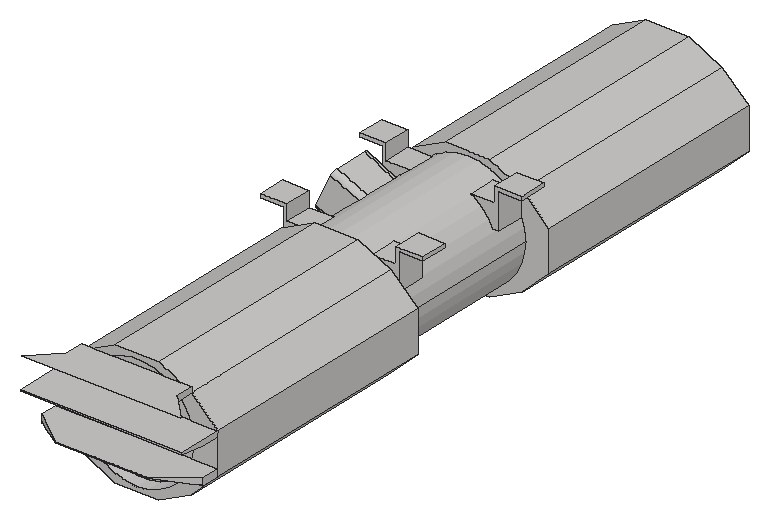
Revit family "HARMANN - PIRAX", category Mechanical Equipment, Revit 2022
Family settings
  Round Connector Dimension = Use Diameter
  Part Type = Normal
  OmniClass Number = 23.75.00.00
  OmniClass Title = Climate Control (HVAC)
  Work Plane-Based = No
  Always vertical = No
  Cut with Voids When Loaded = No
  Maintain Annotation Orientation = No
  Shared = No
  Room Calculation Point = No
Parameters (values of type "PIRAX CPA 315 D42 F4")
  r2 = r - 10.00 mm  # 148.00 mm
  r = 158.00 mm
  g = 234.785 mm
  f = 192.00 mm
  e = 128.00 mm
  d = 126.50 mm
  c = 150.00 mm
  b = 60.00 mm
  a = 56.50 mm
  Zasilanie natężenie maksymalne II = 2.1 A
  Zasilanie napięcie nominalne Unom = 400 V
  Zasilanie Rodzaj Sterowania = "II biegi Y/YY"
  Zasilanie Moc maksymalna II = 1059 W
  Zasilanie Częstotliwość Nominalna = 50 Hz
  Temperatura pracy T = 60 °C
  PIRAX 400 [instance] = "431-487 mm"  # constant formula
  PIRAX 355 [instance] = "386-442 mm"  # constant formula
  PIRAX 315 [instance] = "346-430 mm"  # constant formula
  Odsunięcie wentylatora od stropu [instance] = "Podaj odsunięcie wentylatora od stropu, Zakresy dla konkretnych modeli"  # constant formula
  Klasa odporności ogniowej Tmax = "400 oC/2h"
  Kierunek rewersyjny. Siła ciągu II = 28.00 N
  Kierunek rewersyjny. Powietrze Przepływ II = 4875 m³/h
  Kierunek rewersyjny. I bieg Qrev = 2400 m³/h
  Kierunek rewersyjny. BiegFrev = 7.00 N
  Kierunek przepływu = size_lookup(Lookup Table Name, "Kierunek przepływu", "n/a", N1)  # "Dwukierunkowy"
  Kierunek główny. Siła ciągu II = 29.00 N
  Kierunek główny. Powietrze Przepływ II = 4910 m³/h
  Obroty maksymalne II (min-1) = "2900"
  N1 = 1 mm
  Manufacturer = "Harmann Polska Sp. z o.o."  # constant formula
  Lookup Table Name = "PIRAX_G"
  L = size_lookup(Lookup Table Name, "L", 1.00 mm, N1)  # 1824.00 mm
  Kierunek główny. I bieg Qmax = 2450 m³/h
  J = size_lookup(Lookup Table Name, "J", 1.00 mm, N1)  # 447.00 mm
  Kierunek główny. I bieg F = 7.00 N
  I bieg nmax = "1460"
  Zasilanie. I bieg Pmax = 202 W
  I bieg Lpa dB(A) = 14325.6 mm
  I bieg Imax = 0.91 A
  I = size_lookup(Lookup Table Name, "I", 1.00 mm, N1)  # 30.00 mm
  Zasilanie Ilość faz = 3
  H (Rzeczywiste) [instance] = if(Podaj odsunięcie od stropu dla wybranego modelu < 346.00 mm, 346.00 mm, if(Podaj odsunięcie od stropu dla wybranego modelu > 487.00 mm, 487.00 mm, Podaj odsunięcie od stropu dla wybranego modelu))  # 346.00 mm
  Podaj odsunięcie od stropu dla wybranego modelu [instance] = 346.00 mm
  G = size_lookup(Lookup Table Name, "G", 1.00 mm, N1)  # 47.40 mm
  Numer artykułu = size_lookup(Lookup Table Name, "Numer artykułu", "n/a", N1)  # "15916600"
  Model = size_lookup(Lookup Table Name, "Model", "n/a", N1)  # "PIRAX CPA 315 D42 F4"
  Masa = 31.50 kg
  F = size_lookup(Lookup Table Name, "F", 1.00 mm, N1)  # 339.00 mm
  Description = "Strumieniowy wentylator oddymiający przeznaczony do odprowadzania gorącego powietrza, dymu oraz szkodliwych gazów powstałych podczas pożaru."
  E = size_lookup(Lookup Table Name, "E", 1.00 mm, N1)  # 445.00 mm
  Default Elevation = 0.00 mm
  Ciśnienie akustyczne nominalne II Lpa dB(A) = 18897.6 mm
  C = size_lookup(Lookup Table Name, "C", 1.00 mm, N1)  # 547.00 mm
  B = size_lookup(Lookup Table Name, "B", 1.00 mm, N1)  # 340.00 mm
  Autor = "https://www.archispace.com/"
  A = size_lookup(Lookup Table Name, "A", 1.00 mm, N1)  # 452.00 mm
Types (7, lengths in mm): name | r2 | r | g | f | e | d | c | b | a | Zasilanie natężenie maksymalne II | Zasilanie Moc maksymalna II | Kierunek rewersyjny. Siła ciągu II | Kierunek rewersyjny. Powietrze Przepływ II | Kierunek rewersyjny. I bieg Qrev | Kierunek rewersyjny. BiegFrev | Kierunek przepływu | Kierunek główny. Siła ciągu II | Kierunek główny. Powietrze Przepływ II | Obroty maksymalne II (min-1) | N1 | Kierunek główny. I bieg Qmax | J | Kierunek główny. I bieg F | I bieg nmax | Zasilanie. I bieg Pmax | I bieg Lpa dB(A) | I bieg Imax | H (Rzeczywiste) | Podaj odsunięcie od stropu dla wybranego modelu | Numer artykułu | Model | Masa | F | E | Ciśnienie akustyczne nominalne II Lpa dB(A) | C
  (no name) | 148.00 | 158.00 | 234.785 | 192.00 | 128.00 | 126.50 | 150.00 | 60.00 | 56.50 | 2.1 A | 1059 W | 28.00 N | 4875 m³/h | 2400 m³/h | 7.00 N | "Dwukierunkowy" | 29.00 N | 4910 m³/h | "2900" | 1 | 2450 m³/h | 447.00 | 7.00 N | "1460" | 202 W | 14325.6 | 0.91 A | 346.00 | 346.00 | "15916600" | "PIRAX CPA 315 D42 F4" | 31.50 kg | 339.00 | 445.00 | 18897.6 | 547.00
  PIRAX.G CPA 315 D42 F4 | 148.00 | 158.00 | 234.785 | 192.00 | 128.00 | 126.50 | 150.00 | 60.00 | 56.50 | 2.1 A | 1059 W | 0.00 N | 0 m³/h | 0 m³/h | 0.00 N | "Jednokierunkowy" | 29.00 N | 4910 m³/h | "2900" | 2 | 2450 m³/h | 447.00 | 7.00 N | "1460" | 202 W | 14325.6 | 0.91 A | 346.00 | 346.00 | "15916601" | "PIRAX.G CPA 315 D42 F4" | 31.50 kg | 339.00 | 445.00 | 18897.6 | 547.00
  PIRAX.G CPA 400 D42 F4 | 191.00 | 201.00 | 280.00 | 240.00 | 167.00 | 169.00 | 189.00 | 56.50 | 69.50 | 5.23 A | 2875 W | 0.00 N | 0 m³/h | 0 m³/h | 0.00 N | "Jednokierunkowy" | 87.00 N | 10830 m³/h | "2600" | 6 | 5500 m³/h | 535.00 | 22.00 N | "1.26" | 423 W | 15544.8 | 1.26 A | 431.00 | 431.00 | "15908601" | "PIRAX.G CPA 400 D42 F4" | 46.00 kg | 424.00 | 560.00 | 21336 | 635.00
  PIRAX CPA 315 D42 F4 | 148.00 | 158.00 | 234.785 | 192.00 | 128.00 | 126.50 | 150.00 | 60.00 | 56.50 | 2.1 A | 1059 W | 28.00 N | 4875 m³/h | 2400 m³/h | 7.00 N | "Dwukierunkowy" | 29.00 N | 4910 m³/h | "2900" | 1 | 2450 m³/h | 447.00 | 7.00 N | "1460" | 202 W | 14325.6 | 0.91 A | 346.00 | 346.00 | "15916600" | "PIRAX CPA 315 D42 F4" | 31.50 kg | 339.00 | 445.00 | 18897.6 | 547.00
  PIRAX CPA 355 D42 F4 | 168.00 | 178.00 | 254.00 | 225.00 | 150.00 | 142.50 | 168.00 | 65.00 | 61.00 | 3.82 A | 1994 W | 47.00 N | 7050 m³/h | 3525 m³/h | 12.00 N | "Dwukierunkowy" | 50.00 N | 7330 m³/h | "2905" | 3 | 3640 m³/h | 489.00 | 12.00 N | "1460" | 325 W | 15240 | 1.05 A | 386.00 | 386.00 | "15912300" | "PIRAX CPA 355 D42 F4" | 40.00 kg | 379.00 | 505.00 | 20421.6 | 587.00
  PIRAX.G CPA 355 D42 F4 | 168.00 | 178.00 | 254.00 | 225.00 | 150.00 | 142.50 | 168.00 | 65.00 | 61.00 | 3.82 A | 1994 W | 0.00 N | 0 m³/h | 0 m³/h | 0.00 N | "Jednokierunkowy" | 50.00 N | 7330 m³/h | "2905" | 4 | 3640 m³/h | 489.00 | 12.00 N | "1460" | 325 W | 15240 | 1.05 A | 386.00 | 386.00 | "15912301" | "PIRAX.G CPA 355 D42 F4" | 40.00 kg | 379.00 | 505.00 | 204216 | 587.00
  PIRAX CPA 400 D42 F4 | 191.00 | 201.00 | 280.00 | 240.00 | 167.00 | 169.00 | 189.00 | 56.50 | 69.50 | 5.23 A | 2875 W | 74.00 N | 10020 m³/h | 5060 m³/h | 19.00 N | "Dwukierunkowy" | 87.00 N | 10830 m³/h | "2890" | 5 | 5500 m³/h | 535.00 | 22.00 N | "1460" | 423 W | 15544.8 | 1.26 A | 431.00 | 431.00 | "15908600" | "PIRAX CPA 400 D42 F4" | 46.00 kg | 424.00 | 560.00 | 21336 | 635.00
Reference planes
  plane 1 "Center (Front/Back)": y = 0
  plane 2: z = 0
  plane 3 "Center (Left/Right)": x = 0
  plane 4: z = 339
  plane 5: y = -1824
  plane 6: x = -222.5
  plane 7: x = 222.5
  plane 8: y = -1138
  plane 9: y = -686
  plane 10: y = -742
  plane 11: y = -1082
  plane 12: z = 169.5
  plane 13: z = 226
  plane 14: z = 113
  plane 15: z = 296
  plane 16: z = 43
  plane 17: x = -60
  plane 18: x = -150
  plane 19: x = 60
  plane 20: x = 150
  plane 21: z = 346
  plane 22: z = 346
  plane 23: y = -1952
  plane 24: y = -855
  plane 25: through (-378.74, -1524, 346.109) normal (-0.4226, 0, -0.9063)
Forms (mm)
  Sweep 1, solid, material "HARMANN - Stal Galwanizowana", detail levels coarse
    path origin (0, 0, 0) x (1, 0, 0) y (0, 1, 0)
      loop
        line (0, 0) -> (0, -1824)
    profile origin (0, -912, 0) x (1, 0, 0) y (0, 0, 1)
      loop
        line (-222.5, 226) -> (-222.5, 113) -> (-150, 43) -> (-60, 0) -> (60, 0) -> (150, 43) -> (222.5, 113) -> (222.5, 226) -> (150, 296) -> (60, 339) -> (-60, 339) -> (-150, 296) -> (-222.5, 226)
  Sweep 2, solid, material "HARMANN - Stal Galwanizowana", detail levels medium+fine
    path origin (0, 0, 0) x (1, 0, 0) y (0, 1, 0)
      loop
        line (0, 0) -> (0, -686)
    profile origin (0, -343, 0) x (1, 0, 0) y (0, 0, 1)
      loop
        circle (0, 169.5) r 158
      loop
        line (222.5, 113) -> (222.5, 226) -> (150, 296) -> (60, 339) -> (-60, 339) -> (-150, 296) -> (-222.5, 226) -> (-222.5, 113) -> (-150, 43) -> (-60, 0) -> (60, 0) -> (150, 43) -> (222.5, 113)
  Sweep 3, solid, material "HARMANN - Stal Galwanizowana", detail levels medium+fine
    path origin (-1437.329, -1524, 169.5) x (-1, 0, 0) y (0, -1, 0)
      loop
        line (-1437.329, -1499) -> (-1437.329, -1474)
    profile origin (0, -37.5, 169.5) x (1, 0, 0) y (0, 0, 1)
      loop
        circle (0, 0) r 148
  Sweep 4, solid, material "HARMANN - Stal Galwanizowana", detail levels medium+fine
    path origin (0, 0, 0) x (1, 0, 0) y (0, 1, 0)
      loop
        line (0, -1138) -> (0, -1824)
    profile origin (0, -1481, 0) x (1, 0, 0) y (0, 0, 1)
      loop
        line (-60, 339) -> (-150, 296) -> (-222.5, 226) -> (-222.5, 113) -> (-150, 43) -> (-60, 0) -> (60, 0) -> (150, 43) -> (222.5, 113) -> (222.5, 226) -> (150, 296) -> (60, 339) -> (-60, 339)
      loop
        circle (0, 169.5) r 158
  Sweep 5, solid, material "HARMANN - Stal Galwanizowana", detail levels medium+fine
    path origin (0, 0, 0) x (1, 0, 0) y (0, 1, 0)
      loop
        line (0, -686) -> (0, -1138)
    profile origin (0, -912, 0) x (1, 0, 0) y (0, 0, 1)
      loop
        circle (0, 169.5) r 158
  Sweep 6, solid, material "HARMANN - Stal Galwanizowana", detail levels medium+fine
    path origin (-1437.329, -1524, 169.5) x (-1, 0, 0) y (0, -1, 0)
      loop
        line (-1287.329, -404) -> (-1287.329, -480)
    profile origin (-150, -1082, 169.5) x (-1, 0, 0) y (0, 0, 1)
      loop
        line (72.5, 176.5) -> (0, 176.5) -> (0, 134) -> (-90, 134) -> (-90, 69.5) -> (10, 69.5) -> (10, 166.5) -> (72.5, 166.5) -> (72.5, 176.5)
      loop
        line (-372.5, 176.5) -> (-372.5, 166.5) -> (-310, 166.5) -> (-310, 69.5) -> (-210, 69.5) -> (-210, 134) -> (-300, 134) -> (-300, 176.5) -> (-372.5, 176.5)
  Sweep 7, solid, material "HARMANN - Stal Galwanizowana", detail levels medium+fine
    path origin (-1437.329, -1184, 169.5) x (-1, 0, 0) y (0, -1, 0)
      loop
        line (-1287.329, -404) -> (-1287.329, -480)
    profile origin (-150, -742, 169.5) x (-1, 0, 0) y (0, 0, 1)
      loop
        line (72.5, 176.5) -> (0, 176.5) -> (0, 134) -> (-90, 134) -> (-90, 69.5) -> (10, 69.5) -> (10, 166.5) -> (72.5, 166.5) -> (72.5, 176.5)
      loop
        line (-372.5, 176.5) -> (-372.5, 166.5) -> (-310, 166.5) -> (-310, 69.5) -> (-210, 69.5) -> (-210, 134) -> (-300, 134) -> (-300, 176.5) -> (-372.5, 176.5)
  Sweep 8, solid, material "HARMANN - Stal Galwanizowana"
    path origin (0, 0, 0) x (0, 1, 0) y (0, 0, 1)
      loop
        line (-1824, 310) -> (-1824, 296)
    profile origin (0, -1824, 303) x (1, 0, 0) y (0, 1, 0)
      loop
        line (-151.689, 0) -> (-151.689, -52.15) -> (-222.5, -128) -> (222.5, -128) -> (151.689, -52.15) -> (151.689, 0) -> (-151.689, 0)
  Sweep 9, solid, material "HARMANN - Stal Galwanizowana"
    path origin (0, 0, 0) x (0, 1, 0) y (0, 0, 1)
      loop
        line (-1824, 226) -> (-1824, 212)
    profile origin (0, -1824, 219) x (1, 0, 0) y (0, 1, 0)
      loop
        line (-222.5, 0) -> (-222.5, -128) -> (222.5, -128) -> (222.5, 0) -> (-222.5, 0)
  Sweep 10, solid, material "HARMANN - Stal Galwanizowana"
    path origin (0, 0, 0) x (0, 1, 0) y (0, 0, 1)
      loop
        line (-1824, 133) -> (-1824, 113)
    profile origin (0, -1824, 123) x (1, 0, 0) y (0, 1, 0)
      loop
        line (-222.5, 0) -> (-222.5, -50) -> (-123.5, -123) -> (-123.5, -128) -> (123.5, -128) -> (123.5, -123) -> (222.5, -50) -> (222.5, 0) -> (-222.5, 0)
  Sweep 11, void
    path origin (-1437.329, -1524, 113) x (-1, 0, 0) y (0, -1, 0)
      loop
        line (-1659.829, 428) -> (-1214.829, 428)
    profile origin (0, -1952, 113) x (0, -1, 0) y (0, 0, 1)
      loop
        line (-78, 0) -> (0, 0) -> (0, 20) -> (-5, 20) -> (-5, 15.876) -> (-60.572, 5.05) -> (-78, 5.05) -> (-78, 0)
  Sweep 12, void
    path origin (0, -1824, 226) x (0, -1, 0) y (1, 0, 0)
      loop
        line (128, 222.5) -> (128, -222.5)
    profile origin (0, -1952, 226) x (0, -1, 0) y (0, 0, 1)
      loop
        line (-76.686, -14) -> (0, -14) -> (0, 0) -> (-5, 0) -> (-5, -4.18) -> (-76.686, -14)
  Sweep 13, void
    path origin (0, -1824, 310) x (0, -1, 0) y (1, 0, 0)
      loop
        line (128, 222.5) -> (128, -222.5)
    profile origin (0, -1952, 310) x (0, -1, 0) y (0, 0, 1)
      loop
        line (-78, -14) -> (0, -14) -> (0, 0) -> (-5.342, 0) -> (-63.075, -9.094) -> (-78, -9.094) -> (-78, -14)
  Sweep 14, solid, material "HARMANN - Stal Galwanizowana", detail levels medium+fine
    path origin (-1437.329, -1524, 169.5) x (-1, 0, 0) y (0, -1, 0)
      loop
        line (-1437.329, 250) -> (-1437.329, 275)
    profile origin (0, -1786.5, 169.5) x (1, 0, 0) y (0, 0, 1)
      loop
        circle (0, 0) r 148
  Sweep 15, solid, material "HARMANN - Stal Galwanizowana", detail levels medium+fine
    path origin (-442.757, -855, 308.457) x (0.906308, 0, -0.422618) y (0.422618, 0, 0.906308)
      loop
        line (336.771, 0) -> (225.215, 0)
    profile origin (-188.091, -855, 189.704) x (-0.422618, 0, -0.906308) y (0, -1, 0)
      loop
        arc (-14.179, -61.75) -> (-3.572, -57.357) -> (0.821, -46.75) r 15
        line (0.821, -46.75) -> (0.821, 46.75)
        arc (0.821, 46.75) -> (-3.572, 57.357) -> (-14.179, 61.75) r 15
        line (-14.179, 61.75) -> (-108.179, 61.75)
        arc (-108.179, 61.75) -> (-118.786, 57.357) -> (-123.179, 46.75) r 15
        line (-123.179, 46.75) -> (-123.179, -46.75)
        arc (-123.179, -46.75) -> (-118.786, -57.357) -> (-108.179, -61.75) r 15
        line (-108.179, -61.75) -> (-14.179, -61.75)
  Sweep 16, solid, material "HARMANN - Stal Galwanizowana", detail levels medium+fine
    path origin (-201.76, -855, 263.582) x (-0.422618, 0, -0.906308) y (0.906308, 0, -0.422618)
      loop
        line (278, 40) -> (0, 40)
    profile origin (-224.252, -855, 120.701) x (-0.906308, 0, 0.422618) y (0, -1, 0)
      loop
        circle (9.382, 24) r 10.5
Cuts and joins
  joined: Sweep 5, Sweep 6, Sweep 7, Sweep 15, Sweep 16
  Sweep 12, Sweep 13 cuts Sweep 9
  Sweep 13 cuts Sweep 8
  Sweep 11, Sweep 12 cuts Sweep 10
Lines and regions (mm)
  reference lines
    curve 1: line (-416.902, -855, 363.904) -> (0, -855, 169.5)
    curve 2: line (0, -855, 169.5) -> (-109.881, -855, -66.14)
    curve 3: line (-174.011, -855, 250.643) -> (-323.408, -855, -69.74)
    curve 4: line (60, -855, 169.5) -> (-60, -855, 169.5)
Dimensions and locks
  "F": plane 4 to level
  "L": plane 5 to plane 1 "Center (Front/Back)"
  equal spacing: plane 6, plane 3 "Center (Left/Right)", plane 7
  "E": plane 6 to plane 7
  locked: plane 9 to plane 1 "Center (Front/Back)" at 686
  "A": plane 8 to plane 9
  locked: plane 10 to plane 9 at 56
  "B": plane 11 to plane 10
  equal spacing: plane 4, plane 12, level
  "a": plane 12 to plane 13
  "a": plane 14 to plane 12
  "d": plane 12 to plane 15
  "d": plane 16 to plane 12
  "b": plane 3 "Center (Left/Right)" to plane 17
  "c": plane 3 "Center (Left/Right)" to plane 18
  "b": plane 19 to plane 3 "Center (Left/Right)"
  "c": plane 20 to plane 3 "Center (Left/Right)"
  "H (Rzeczywiste)": plane 21 to level
  locked: Sweep 6 sketch curve to Sweep 6 sketch curve at 76
  locked: plane 21 to Sweep 6 sketch curve at 10
  locked: Sweep 6 sketch curve to plane 18 at 10
  locked: plane 20 to Sweep 6 sketch curve at 10
  locked: Sweep 6 sketch curve to plane 21 at 10
  locked: Sweep 7 sketch curve to Sweep 7 sketch curve at 76
  locked: plane 21 to Sweep 7 sketch curve at 10  (x2)
  locked: plane 18 to Sweep 7 sketch curve at 10
  locked: plane 20 to Sweep 7 sketch curve at 10
  "e": plane 23 to plane 5
  locked: Sweep 8 sketch curve to Sweep 8 sketch curve at 14
  locked: Sweep 9 sketch curve to Sweep 9 sketch curve at 14
  locked: Sweep 10 sketch curve to Sweep 10 sketch curve at 20
  locked: Sweep 14 sketch curve to Sweep 14 sketch curve at 25
  locked: plane 5 to Sweep 14 sketch curve at 25
  locked: Sweep 3 sketch curve to Sweep 3 sketch curve at 25
  locked: Sweep 3 sketch curve to plane 1 "Center (Front/Back)" at 25
  locked: Sweep 10 sketch curve to Sweep 10 sketch curve at 5  (x2)
  locked: Sweep 10 sketch curve to plane 5 at 50  (x2)
  locked: plane 24 to plane 10 at 113
  "f": curve 3 to curve 2
  curve 4 to curve 2 to curve 4 = 60.00 mm locked, 60.00 mm locked
  equal spacing: plane 4, curve 4, level
  locked: curve 1 to curve 1 at 460
  locked: curve 2 to curve 2 at 260
  "g": Sweep 15 sketch curve to curve 2
  locked: Sweep 16 sketch curve to Sweep 16 sketch curve at 278
  "r": radius of Sweep 4 sketch curve
  "r": radius of Sweep 5 sketch curve
  "r": radius of Sweep 2 sketch curve
  "r2": radius of Sweep 14 sketch curve
  "r2": radius of Sweep 3 sketch curve
  locked: plane 25 to plane 12 (angle 25.00°)
  locked: curve 1 to curve 2 (angle 90.00°)
  locked: curve 2 to plane 3 "Center (Left/Right)" (angle 25.00°)
  aligned and locked: level to plane 2
  aligned and locked: Sweep 1 sketch curve to plane 3 "Center (Left/Right)"
  aligned and locked: plane 1 "Center (Front/Back)" to Sweep 1 sketch curve
  aligned and locked: plane 5 to Sweep 1 sketch curve
  aligned and locked: plane 9 to Sweep 2 sketch curve
  aligned and locked: plane 1 "Center (Front/Back)" to Sweep 2 sketch curve
  aligned and locked: plane 5 to Sweep 4 sketch curve
  aligned and locked: plane 8 to Sweep 4 sketch curve
  aligned and locked: plane 9 to Sweep 5 sketch curve
  aligned and locked: plane 8 to Sweep 5 sketch curve
  aligned and locked: Sweep 4 sketch curve to plane 4
  aligned and locked: plane 12 to Sweep 4 sketch curve
  aligned and locked: plane 3 "Center (Left/Right)" to Sweep 4 sketch curve
  aligned and locked: Sweep 4 sketch curve to plane 6
  aligned and locked: plane 7 to Sweep 4 sketch curve
  aligned and locked: plane 12 to Sweep 2 sketch curve
  aligned and locked: plane 17 to Sweep 4 sketch curve  (x2)
  aligned and locked: plane 19 to Sweep 4 sketch curve  (x2)
  aligned and locked: plane 20 to Sweep 4 sketch curve  (x2)
  aligned and locked: plane 13 to Sweep 4 sketch curve  (x2)
  aligned and locked: plane 14 to Sweep 4 sketch curve  (x2)
  aligned and locked: plane 18 to Sweep 4 sketch curve  (x2)
  aligned and locked: Sweep 2 sketch curve to plane 7
  aligned and locked: plane 4 to Sweep 2 sketch curve
  aligned and locked: plane 6 to Sweep 2 sketch curve  (x2)
  aligned and locked: level to Sweep 2 sketch curve
  aligned and locked: plane 13 to Sweep 2 sketch curve  (x2)
  aligned and locked: plane 18 to Sweep 2 sketch curve  (x2)
  aligned and locked: plane 20 to Sweep 2 sketch curve  (x2)
  aligned and locked: plane 16 to Sweep 2 sketch curve  (x2)
  aligned and locked: plane 19 to Sweep 2 sketch curve  (x2)
  aligned and locked: plane 17 to Sweep 2 sketch curve  (x2)
  aligned and locked: plane 14 to Sweep 2 sketch curve  (x2)
  aligned and locked: plane 15 to Sweep 2 sketch curve  (x2)
  aligned and locked: plane 7 to Sweep 2 sketch curve
  aligned and locked: plane 12 to Sweep 5 sketch curve
  aligned and locked: plane 12 to Sweep 3 sketch curve
  aligned and locked: plane 3 "Center (Left/Right)" to Sweep 3 sketch curve
  aligned and locked: Sweep 1 sketch curve to plane 6
  aligned and locked: Sweep 1 sketch curve to plane 4
  aligned and locked: plane 7 to Sweep 1 sketch curve
  aligned and locked: Sweep 1 sketch curve to plane 2
  aligned and locked: plane 17 to Sweep 1 sketch curve  (x2)
  aligned and locked: plane 13 to Sweep 1 sketch curve  (x2)
  aligned and locked: plane 19 to Sweep 1 sketch curve  (x2)
  aligned and locked: plane 20 to Sweep 1 sketch curve  (x2)
  aligned and locked: plane 15 to Sweep 1 sketch curve  (x2)
  aligned and locked: plane 16 to Sweep 1 sketch curve  (x2)
  aligned and locked: plane 18 to Sweep 1 sketch curve  (x2)
  aligned and locked: plane 14 to Sweep 1 sketch curve  (x2)
  aligned and locked: plane 15 to Sweep 4 sketch curve  (x2)
  aligned and locked: Sweep 6 sketch curve to plane 18
  aligned and locked: Sweep 7 sketch curve to plane 18
  aligned and locked: plane 18 to Sweep 6 sketch curve
  aligned and locked: plane 18 to Sweep 7 sketch curve
  aligned and locked: Sweep 7 sketch curve to plane 21
  aligned and locked: plane 21 to Sweep 7 sketch curve
  aligned and locked: plane 17 to Sweep 7 sketch curve
  aligned and locked: Sweep 7 sketch curve to plane 19
  aligned and locked: plane 20 to Sweep 7 sketch curve
  aligned and locked: Sweep 6 sketch curve to plane 21
  aligned and locked: plane 20 to Sweep 6 sketch curve
  aligned and locked: plane 21 to Sweep 6 sketch curve
  aligned and locked: plane 7 to Sweep 6 sketch curve
  aligned and locked: Sweep 6 sketch curve to plane 6
  aligned and locked: plane 17 to Sweep 6 sketch curve
  aligned and locked: Sweep 6 sketch curve to plane 19
  aligned and locked: plane 7 to Sweep 7 sketch curve
  aligned and locked: Sweep 7 sketch curve to plane 6
  aligned and locked: plane 16 to Sweep 4 sketch curve  (x2)
  aligned and locked: plane 5 to Sweep 8 sketch curve  (x2)
  aligned and locked: Sweep 8 sketch curve to plane 23
  aligned and locked: plane 15 to Sweep 8 sketch curve
  aligned and locked: plane 13 to Sweep 9 sketch curve
  aligned and locked: plane 14 to Sweep 10 sketch curve
  aligned and locked: Sweep 9 sketch curve to plane 6
  aligned and locked: plane 7 to Sweep 9 sketch curve
  aligned and locked: plane 5 to Sweep 9 sketch curve
  aligned and locked: Sweep 9 sketch curve to plane 23
  aligned and locked: Sweep 10 sketch curve to plane 6
  aligned and locked: plane 7 to Sweep 10 sketch curve
  aligned and locked: plane 5 to Sweep 10 sketch curve
  aligned and locked: Sweep 10 sketch curve to plane 23
  aligned and locked: Sweep 11 sketch curve to plane 23
  aligned and locked: plane 7 to Sweep 11 sketch curve
  aligned and locked: Sweep 11 sketch curve to plane 6
  aligned and locked: plane 12 to Sweep 14 sketch curve
  aligned and locked: plane 3 "Center (Left/Right)" to Sweep 14 sketch curve
  aligned and locked: plane 25 to Sweep 16 sketch curve
  aligned and locked: plane 12 to curve 4
  aligned and locked: curve 4 to curve 2
Automatic sketch dimensions
  Sweep 2 sketch curve to plane 3 "Center (Left/Right)" = 0.00 mm
  Sweep 3 sketch curve to plane 3 "Center (Left/Right)" = 0.00 mm
  Sweep 4 sketch curve to plane 3 "Center (Left/Right)" = 0.00 mm
  Sweep 5 sketch curve to plane 3 "Center (Left/Right)" = 0.00 mm
  Sweep 6 sketch curve to plane 11 = 38.00 mm
  plane 9 to Sweep 7 sketch curve = 18.00 mm
  plane 12 to Sweep 6 sketch curve = 69.50 mm  (x2)
  plane 12 to Sweep 7 sketch curve = 69.50 mm
  Sweep 7 sketch curve to Sweep 7 sketch curve = 64.50 mm
  Sweep 7 sketch curve to Sweep 7 sketch curve = 0.00 mm  (x2)
  Sweep 6 sketch curve to Sweep 6 sketch curve = 64.50 mm  (x2)
  Sweep 9 sketch curve to plane 5 = 0.00 mm
  Sweep 10 sketch curve to plane 5 = 0.00 mm
  profile plane to Sweep 11 sketch curve = 78.00 mm
  Sweep 11 sketch curve to Sweep 11 sketch curve = 17.428 mm
  plane 14 to Sweep 11 sketch curve = 0.00 mm
  Sweep 11 sketch curve to Sweep 11 sketch curve = 5.05 mm
  plane 14 to Sweep 11 sketch curve = 15.876 mm
  Sweep 11 sketch curve to Sweep 11 sketch curve = 60.572 mm
  Sweep 11 sketch curve to Sweep 11 sketch curve = 4.124 mm
  Sweep 11 sketch curve to Sweep 11 sketch curve = 5.00 mm
  Sweep 12 sketch curve to Sweep 9 = 0.00 mm  (x3)
  Sweep 12 sketch curve to profile plane = 14.00 mm
  Sweep 12 sketch curve to profile plane = 0.00 mm
  Sweep 12 sketch curve to Sweep 12 sketch curve = 76.686 mm
  profile plane to Sweep 12 sketch curve = 0.00 mm
  Sweep 12 sketch curve to Sweep 12 sketch curve = 5.00 mm
  Sweep 12 sketch curve to Sweep 12 sketch curve = 4.18 mm
  profile plane to Sweep 8 sketch curve = 52.15 mm  (x2)
  Sweep 8 sketch curve to plane 3 "Center (Left/Right)" = 151.689 mm
  Sweep 8 sketch curve to Sweep 8 sketch curve = 70.811 mm  (x2)
  plane 3 "Center (Left/Right)" to Sweep 8 sketch curve = 151.689 mm
  Sweep 13 sketch curve to Sweep 8 = 0.00 mm  (x3)
  Sweep 13 sketch curve to profile plane = 14.00 mm
  Sweep 13 sketch curve to profile plane = 0.00 mm
  Sweep 13 sketch curve to Sweep 13 sketch curve = 78.00 mm
  Sweep 13 sketch curve to Sweep 13 sketch curve = 14.00 mm
  Sweep 13 sketch curve to Sweep 13 sketch curve = 5.342 mm
  Sweep 13 sketch curve to profile plane = 9.094 mm
  Sweep 13 sketch curve to Sweep 13 sketch curve = 14.925 mm
  Sweep 14 sketch curve to plane 3 "Center (Left/Right)" = 0.00 mm
  Sweep 10 sketch curve to Sweep 10 sketch curve = 99.00 mm
  plane 3 "Center (Left/Right)" to Sweep 10 sketch curve = 123.50 mm
  Sweep 16 sketch curve to profile plane = 9.382 mm
  plane 24 to Sweep 16 sketch curve = 24.00 mm
  profile plane to Sweep 15 sketch curve = 123.179 mm
  Sweep 15 sketch curve to Sweep 15 sketch curve = 15.00 mm  (x2)
  profile plane to Sweep 15 sketch curve = 14.179 mm  (x2)
  Sweep 15 sketch curve to profile plane = 0.821 mm
  Sweep 15 sketch curve to plane 24 = 61.75 mm
  plane 24 to Sweep 15 sketch curve = 46.75 mm
  curve 3 to Sweep 16 sketch curve = 9.382 mm
  profile plane to Sweep 2 sketch curve = 0.00 mm
  Sweep 4 sketch curve to plane 2 = 0.00 mm
  Sweep 4 sketch curve to Sweep 4 sketch curve = 43.00 mm
  profile plane to Sweep 5 sketch curve = 0.00 mm
  curve 1 to Sweep 15 sketch curve = 61.179 mm
  Sweep 15 sketch curve to Sweep 15 sketch curve = 111.556 mm
  curve 1 to plane 25 = 0.00 mm
  curve 3 to level = 69.74 mm
  radius of Sweep 16 sketch curve = 10.50 mm
Connectors
  electrical at (-212.787, -855, 268.724), driven by "Zasilanie Ilość faz", driven by "Zasilanie napięcie nominalne Unom", driven by "Zasilanie Moc maksymalna II", driven by "Zasilanie. I bieg Pmax"
    settings: on cut or joined group of Sweep 5, Sweep 6, Sweep 7, Sweep 15, Sweep 16, index 1, voltage 400 V, apparent load 0 VA, apparent load phase1 1059 VA, apparent load phase2 202 VA, apparent load phase3 0 VA, power factor 1, load classification "Other", number of poles 3, system type 31, power factor state 1, is connector primary yes, connector utility no, sub classification motor no, connector description ""
